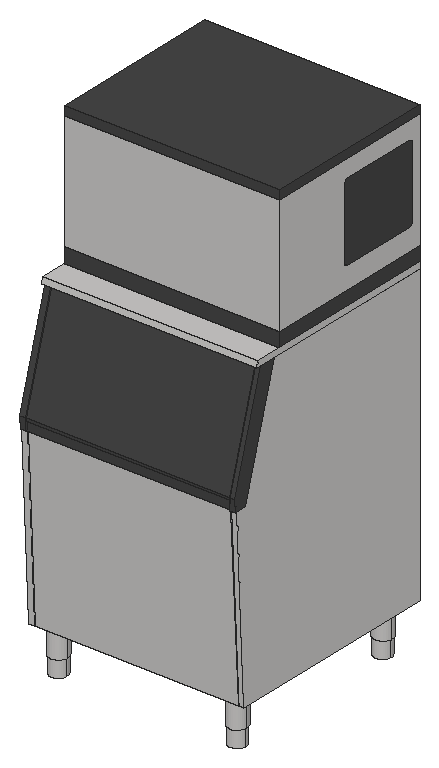
Revit family "QF_ZANUSSI_730295_IHD237M230SNP", category Specialty Equipment, Revit 2023
Family settings
  Round Connector Dimension = Use Diameter
  Part Type = Normal
  Work Plane-Based = No
  Enable Cutting in Views = No
  Always vertical = Yes
  Cut with Voids When Loaded = No
  Maintain Annotation Orientation = No
  Shared = No
  Room Calculation Point = No
Parameters (values of type "Standard")
  Weight = 85.00 kg
  Watts = 0 W
  Volts = 220 V
  URL Manufacturer = "http://www.zanussiprofessional.com"
  URL = "http://www.zanussiprofessional.com"
  Steam Supply Size = 0 mm
  Steam Supply Minimum Pressure = 0.0 Pa
  Steam Supply Maximum Pressure = 0.0 Pa
  Steam Pounds per Hour = 0
  Show Logo [instance] = yes
  Show Clearance [instance] = yes
  Refrigeration Suction Line Size = 0 mm
  Refrigeration Liquid Line Size = 0 mm
  Refrigerant Compressor Remote = yes
  Manufacturer = "Zanussi"
  Phase = 1
  Model = "IHD237M230SNP"
  Length Actual = 762 mm
  Item Number = "730295"
  Hot Water Size = 0 mm
  Height Actual = 1676 mm
  HP = "2.1 HP"
  Gas Size = 0 mm
  Gas KW = 0
  Gas Input Pressure = 0 W
  Description = "WATER COOLED HALF DICE ICE 237KG/24H-BIN 230KG MODULAR"
  Depth Actual = 819 mm
  Default Elevation = 0 mm
  Cycle = 50 Hz
  Condensate Return Size = 0 mm
  Compressed Air Volume = 0.0 L/s
  Compressed Air Size = 0 mm
  Compressed Air Pressure = 0.0 Pa
  Cold Water Size = 19.05 mm
  Accessory = no
Reference planes
  plane 1 "Center X": y = 237.851
  plane 2: z = 0
  plane 3 "Center Y": x = -378
  plane 4 "LEFT": x = -759
  plane 5 "BACK": y = 647.351
  plane 6 "RIGHT": x = 3
  plane 7 "FRONT": y = -171.649
  plane 8 "TOP": z = 1231
  plane 9: x = -739
  plane 10: x = -17
  plane 11: z = 155
  plane 12: z = 1211
  plane 13: z = 1131
  plane 14: y = -171.649
  plane 15: x = 3
  plane 16: x = -759
  plane 17: z = 1731
  plane 18: z = 1363.566
  plane 19 "2": y = 667.351
  plane 20 "3": y = 27.351
Forms (mm)
  Extrusion 1, solid, material "QF_Finishes_Stainless Steel"
    sketch origin (-238.119, 667.851, 1599.653) x (0, 0, -1) y (-1, 0, 0)
      loop
        circle (302.153, -206.619) r 10
    from -20.5 to -0.5
  Extrusion 2, solid, material "QF_Finishes_Stainless Steel"
    sketch origin (3, 0, 0) x (0, 1, 0) y (0, 0, 1)
      loop
        line (-70.746, 1231) -> (-75.305, 1211) -> (647.351, 1211) -> (647.351, 1231) -> (-70.746, 1231)
    from -762 to 0
  Extrusion 3, solid, material "QF_Finishes_Stainless Steel"
    sketch origin (3, 0, -220) x (0, 1, 0) y (0, 0, 1)
      loop
        line (2.761, 1431) -> (-125.203, 1012.449) -> (-163.117, 1012.449) -> (-130.122, 375) -> (647.351, 375) -> (647.351, 1431) -> (2.761, 1431)
    from -742 to -20
  Extrusion 4, solid, material "QF_Finishes_Black"
    sketch origin (3, -38.052, -220) x (0, 1, 0) y (0, 0, 1)
      loop
        line (-131.963, 1053.167) -> (-131.595, 1046.139) -> (-129.537, 1046.139) -> (-127.771, 1012.449) -> (-87.151, 1012.449) -> (40.813, 1431) -> (-16.448, 1431) -> (-131.963, 1053.167)
    from -742 to -20
  Extrusion 5, solid, material "QF_Finishes_Black"
    sketch origin (3, -38.052, -220) x (0, 1, 0) y (0, 0, 1)
      loop
        line (-131.963, 1053.167) -> (-129.829, 1012.449) -> (-87.151, 1012.449) -> (40.813, 1431) -> (-16.448, 1431) -> (-131.963, 1053.167)
    from -762 to -742
  Extrusion 6, solid, material "QF_Finishes_Black"
    sketch origin (3, -38.052, -220) x (0, 1, 0) y (0, 0, 1)
      loop
        line (-131.963, 1053.167) -> (-129.829, 1012.449) -> (-87.151, 1012.449) -> (40.813, 1431) -> (-16.448, 1431) -> (-131.963, 1053.167)
    from -20 to 0
  Extrusion 7, solid, material "QF_Finishes_Stainless Steel"
    sketch origin (3, 0, -220) x (0, 1, 0) y (0, 0, 1)
      loop
        line (2.761, 1431) -> (-125.203, 1012.449) -> (-163.117, 1012.449) -> (-130.122, 375) -> (647.351, 375) -> (647.351, 1431) -> (2.761, 1431)
    from -20 to 0
  Extrusion 8, solid, material "QF_Finishes_Stainless Steel"
    sketch origin (3, 0, -220) x (0, 1, 0) y (0, 0, 1)
      loop
        line (2.761, 1431) -> (-125.203, 1012.449) -> (-163.117, 1012.449) -> (-130.122, 375) -> (647.351, 375) -> (647.351, 1431) -> (2.761, 1431)
    from -762 to -742
  Extrusion 9, solid, material "QF_Finishes_Stainless Steel"
    sketch origin (3, 0, 440) x (0, 1, 0) y (0, 0, 1)
      loop
        line (27.351, 1260.349) -> (27.351, 842.501) -> (647.351, 842.501) -> (647.351, 1260.349) -> (27.351, 1260.349)
    from -762 to 0
  Extrusion 10, solid, material "QF_Finishes_Black"
    sketch origin (3, 0, 395) x (0, 1, 0) y (0, 0, 1)
      loop
        line (27.351, 887.501) -> (27.351, 836) -> (647.351, 836) -> (647.351, 887.501) -> (27.351, 887.501)
    from -762 to 0
  Extrusion 11, solid, material "QF_Finishes_Black"
    sketch origin (3, 0, 1015) x (0, 1, 0) y (0, 0, 1)
      loop
        line (27.351, 716) -> (27.351, 685.349) -> (647.351, 685.349) -> (647.351, 716) -> (27.351, 716)
    from -762 to 0
  Extrusion 12, solid, material "QF_Finishes_Stainless Steel"
    sketch origin (-1202.264, 667.851, 1627.261) x (0, 0, -1) y (-1, 0, 0)
      loop
        circle (302.153, -468.619) r 12.5
    from -20.5 to -0.5
  Extrusion 13, solid, material "QF_Finishes_Stainless Steel"
    sketch origin (-1199.841, 667.851, 1316.063) x (0, 0, -1) y (-1, 0, 0)
      loop
        circle (-158.388, -468.619) r 10
    from -20.5 to -0.5
  Extrusion 14, solid
    sketch origin (1774.352, 532.849, 0) x (1, 0, 0) y (0, 1, 0)
      loop
        circle (-2152.352, -35.499) r 10
    from 91.501 to 155
  Extrusion 15, solid, material "QF_Finishes_Black"
    sketch origin (-668.378, 757.228, 75) x (1, 0, 0) y (0, 0, -1)
      loop
        arc (275.378, -1625.349) -> (285.984, -1620.956) -> (290.378, -1610.349) r 15
        line (290.378, -1610.349) -> (290.378, -1222.501)
        arc (290.378, -1222.501) -> (285.984, -1211.894) -> (275.378, -1207.501) r 15
        line (275.378, -1207.501) -> (-25.622, -1207.501)
        arc (-25.622, -1207.501) -> (-36.229, -1211.894) -> (-40.622, -1222.501) r 15
        line (-40.622, -1222.501) -> (-40.622, -1610.349)
        arc (-40.622, -1610.349) -> (-36.229, -1620.956) -> (-25.622, -1625.349) r 15
        line (-25.622, -1625.349) -> (275.378, -1625.349)
    from -109.877 to -107.877
  Extrusion 16, solid, material "QF_Finishes_Black"
    sketch origin (-759, 55.351, 75) x (0, 1, 0) y (0, 0, -1)
      loop
        arc (542, -1563.566) -> (552.607, -1559.172) -> (557, -1548.566) r 15
        line (557, -1548.566) -> (557, -1303.566)
        arc (557, -1303.566) -> (552.607, -1292.959) -> (542, -1288.566) r 15
        line (542, -1288.566) -> (272, -1288.566)
        arc (272, -1288.566) -> (261.393, -1292.959) -> (257, -1303.566) r 15
        line (257, -1303.566) -> (257, -1548.566)
        arc (257, -1548.566) -> (261.393, -1559.172) -> (272, -1563.566) r 15
        line (272, -1563.566) -> (542, -1563.566)
    from 0 to 2
  Extrusion 17, solid, material "QF_Finishes_Black"
    sketch origin (3, 55.351, 75) x (0, 1, 0) y (0, 0, 1)
      loop
        line (542, 1563.566) -> (272, 1563.566)
        arc (272, 1563.566) -> (261.393, 1559.172) -> (257, 1548.566) r 15
        line (257, 1548.566) -> (257, 1303.566)
        arc (257, 1303.566) -> (261.393, 1292.959) -> (272, 1288.566) r 15
        line (272, 1288.566) -> (542, 1288.566)
        arc (542, 1288.566) -> (552.607, 1292.959) -> (557, 1303.566) r 15
        line (557, 1303.566) -> (557, 1548.566)
        arc (557, 1548.566) -> (552.607, 1559.172) -> (542, 1563.566) r 15
    from 0 to 2
Lines and regions (mm)
  symbolic lines
    curve 1: line (-759, 647.351, 0) -> (3, 647.351, 0)
    curve 2: line (-759, -171.649, 0) -> (-759, 647.351, 0)
    curve 3: line (3, -171.649, 0) -> (-759, -171.649, 0)
    curve 4: line (3, 647.351, 0) -> (3, -171.649, 0)
    curve 5: line (-759, 647.351, 100) -> (3, 647.351, 100)
    curve 6: line (-759, -171.649, 100) -> (-759, 647.351, 100)
    curve 7: line (3, 647.351, 100) -> (3, -171.649, 100)
    curve 8: line (-759, -171.649, 100) -> (3, -171.649, 100)
    curve 9: line (-759, 27.351, 100) -> (3, 27.351, 100)
    curve 10: line (-759, -75.305, 100) -> (3, -75.305, 100)
Dimensions and locks
  equal spacing: plane 4 "LEFT", plane 3 "Center Y", plane 6 "RIGHT"
  "Length Actual": plane 4 "LEFT" to plane 6 "RIGHT"
  "Depth Actual": plane 5 "BACK" to plane 7 "FRONT"
  equal spacing: plane 5 "BACK", plane 1 "Center X", plane 7 "FRONT"
  plane 8 "TOP" to plane 2 = 1231 mm
  locked: plane 4 "LEFT" to plane 9 at 20
  locked: plane 10 to plane 6 "RIGHT" at 20
  plane 11 to plane 2 = 155 mm
  locked: plane 8 "TOP" to plane 12 at 20
  locked: plane 12 to plane 13 at 80
  plane 7 "FRONT" to plane 14 = 0 mm
  plane 7 "FRONT" to plane 5 "BACK" = 819 mm
  plane 14 to plane 19 "2" = 839 mm
  plane 11 to Extrusion 7 = 1056 mm
  plane 15 to plane 3 "Center Y" to plane 16 = 381 mm, 381 mm
  equal spacing: plane 16, plane 3 "Center Y", plane 15
  plane 15 to plane 16 = 762 mm
  plane 17 to level = 1731 mm
  plane 8 "TOP" to level = 1231 mm
  plane 17 to plane 8 "TOP" = 500 mm
  Extrusion 9 to plane 5 "BACK" = 620 mm
  plane 20 "3" to plane 5 "BACK" = 620 mm
  nested 4 to plane 3 "Center Y" to nested 1 = 317 mm, 316.899 mm
  aligned and locked: level to plane 2
  aligned and locked: plane 15 to Extrusion 9
  aligned and locked: plane 15 to Extrusion 10
  aligned and locked: Extrusion 11 to plane 16
  aligned and locked: Extrusion 9 to plane 16
  aligned and locked: Extrusion 10 to plane 16
  aligned and locked: plane 5 "BACK" to Extrusion 11
  aligned and locked: plane 5 "BACK" to Extrusion 9
  aligned and locked: Extrusion 9 to plane 20 "3"
Automatic sketch dimensions
  Extrusion 1 sketch curve to plane 10 = 14.5 mm
  plane 18 to Extrusion 1 sketch curve = 66.066 mm
  plane 9 to Extrusion 12 sketch curve = 5.355 mm
  plane 18 to Extrusion 12 sketch curve = 38.458 mm
  plane 9 to Extrusion 13 sketch curve = 7.778 mm
  Extrusion 13 sketch curve to plane 18 = 110.886 mm
  Extrusion 15 sketch curve to plane 3 "Center Y" = 0 mm
  Extrusion 15 sketch curve to Extrusion 15 sketch curve = 15 mm  (x2)
  Extrusion 15 sketch curve to plane 3 "Center Y" = 15 mm
  plane 9 to Extrusion 15 sketch curve = 45 mm  (x2)
  Extrusion 15 sketch curve to plane 17 = 30.651 mm
  plane 18 to Extrusion 15 sketch curve = 66.065 mm
  curve 3 to plane 4 "LEFT" = 0 mm
  curve 3 to plane 6 "RIGHT" = 0 mm
  curve 3 to plane 7 "FRONT" = 0 mm
  curve 2 to plane 5 "BACK" = 0 mm
  Extrusion 2 sketch curve to plane 12 = 0 mm
  Extrusion 2 sketch curve to plane 8 "TOP" = 0 mm
  Extrusion 2 sketch curve to plane 5 "BACK" = 0 mm
  Extrusion 2 sketch curve to plane 20 "3" = 98.097 mm
  Extrusion 2 sketch curve to Extrusion 2 sketch curve = 4.56 mm
  Extrusion 3 sketch curve to plane 11 = 0 mm
  Extrusion 3 sketch curve to plane 12 = 0 mm
  Extrusion 3 sketch curve to plane 5 "BACK" = 0 mm
  Extrusion 3 sketch curve to plane 20 "3" = 24.59 mm
  plane 7 "FRONT" to Extrusion 3 sketch curve = 46.446 mm
  plane 7 "FRONT" to Extrusion 3 sketch curve = 41.528 mm
  plane 7 "FRONT" to Extrusion 3 sketch curve = 8.532 mm
  Extrusion 3 sketch curve to plane 13 = 338.551 mm
  Extrusion 4 sketch curve to plane 12 = 0 mm
  plane 7 "FRONT" to Extrusion 4 sketch curve = 1.634 mm
  plane 7 "FRONT" to Extrusion 4 sketch curve = 2.003 mm
  Extrusion 4 sketch curve to Extrusion 4 sketch curve = 2.058 mm
  plane 7 "FRONT" to Extrusion 4 sketch curve = 5.827 mm
  Extrusion 4 sketch curve to Extrusion 4 sketch curve = 40.62 mm
  Extrusion 4 sketch curve to plane 20 "3" = 81.851 mm
  Extrusion 4 sketch curve to plane 20 "3" = 24.59 mm
  Extrusion 4 sketch curve to plane 13 = 297.833 mm
  Extrusion 4 sketch curve to Extrusion 4 sketch curve = 7.027 mm
  Extrusion 4 sketch curve to Extrusion 4 sketch curve = 33.691 mm
  Extrusion 5 sketch curve to plane 12 = 0 mm
  plane 7 "FRONT" to Extrusion 5 sketch curve = 1.634 mm
  plane 7 "FRONT" to Extrusion 5 sketch curve = 3.768 mm
  Extrusion 5 sketch curve to Extrusion 5 sketch curve = 42.678 mm
  Extrusion 5 sketch curve to plane 20 "3" = 81.851 mm
  Extrusion 5 sketch curve to plane 20 "3" = 24.59 mm
  Extrusion 5 sketch curve to plane 13 = 297.833 mm
  Extrusion 5 sketch curve to Extrusion 5 sketch curve = 40.718 mm
  Extrusion 6 sketch curve to plane 12 = 0 mm
  plane 7 "FRONT" to Extrusion 6 sketch curve = 1.634 mm
  plane 7 "FRONT" to Extrusion 6 sketch curve = 3.768 mm
  Extrusion 6 sketch curve to Extrusion 6 sketch curve = 42.678 mm
  Extrusion 6 sketch curve to plane 20 "3" = 81.851 mm
  Extrusion 6 sketch curve to plane 20 "3" = 24.59 mm
  Extrusion 6 sketch curve to plane 13 = 297.833 mm
  Extrusion 6 sketch curve to Extrusion 6 sketch curve = 40.718 mm
  Extrusion 7 sketch curve to plane 11 = 0 mm
  Extrusion 7 sketch curve to plane 12 = 0 mm
  Extrusion 7 sketch curve to plane 5 "BACK" = 0 mm
  Extrusion 7 sketch curve to plane 20 "3" = 24.59 mm
  plane 7 "FRONT" to Extrusion 7 sketch curve = 46.446 mm
  plane 7 "FRONT" to Extrusion 7 sketch curve = 41.528 mm
  plane 7 "FRONT" to Extrusion 7 sketch curve = 8.532 mm
  Extrusion 7 sketch curve to plane 13 = 338.551 mm
  Extrusion 8 sketch curve to plane 11 = 0 mm
  Extrusion 8 sketch curve to plane 12 = 0 mm
  Extrusion 8 sketch curve to plane 5 "BACK" = 0 mm
  Extrusion 8 sketch curve to plane 20 "3" = 24.59 mm
  plane 7 "FRONT" to Extrusion 8 sketch curve = 46.446 mm
  plane 7 "FRONT" to Extrusion 8 sketch curve = 41.528 mm
  plane 7 "FRONT" to Extrusion 8 sketch curve = 8.532 mm
  Extrusion 8 sketch curve to plane 13 = 338.551 mm
  Extrusion 9 sketch curve to plane 20 "3" = 0 mm
  Extrusion 9 sketch curve to plane 5 "BACK" = 0 mm
  plane 8 "TOP" to Extrusion 9 sketch curve = 51.501 mm
  Extrusion 9 sketch curve to plane 17 = 30.651 mm
  Extrusion 10 sketch curve to plane 8 "TOP" = 0 mm
  Extrusion 10 sketch curve to plane 20 "3" = 0 mm
  Extrusion 10 sketch curve to plane 5 "BACK" = 0 mm
  plane 8 "TOP" to Extrusion 10 sketch curve = 51.501 mm
  Extrusion 11 sketch curve to plane 20 "3" = 0 mm
  Extrusion 11 sketch curve to plane 5 "BACK" = 0 mm
  Extrusion 11 sketch curve to plane 17 = 0 mm
  Extrusion 11 sketch curve to plane 17 = 30.651 mm
  Extrusion 14 sketch curve to plane 3 "Center Y" = 0 mm
  Extrusion 14 sketch curve to plane 5 "BACK" = 150 mm
  plane 18 to Extrusion 16 sketch curve = 0 mm
  Extrusion 16 sketch curve to plane 18 = 15 mm
  Extrusion 16 sketch curve to plane 1 "Center X" = 74.5 mm
  Extrusion 16 sketch curve to Extrusion 16 sketch curve = 15 mm  (x2)
  Extrusion 16 sketch curve to plane 5 "BACK" = 50 mm  (x2)
  Extrusion 16 sketch curve to plane 17 = 107.434 mm
  plane 18 to Extrusion 17 sketch curve = 0 mm
  Extrusion 17 sketch curve to plane 18 = 15 mm
  Extrusion 17 sketch curve to plane 1 "Center X" = 74.5 mm
  Extrusion 17 sketch curve to Extrusion 17 sketch curve = 15 mm  (x2)
  Extrusion 17 sketch curve to plane 5 "BACK" = 50 mm  (x2)
  Extrusion 17 sketch curve to plane 17 = 107.434 mm
  plane 5 "BACK" to curve 5 = 0 mm
  plane 7 "FRONT" to curve 8 = 0 mm
  plane 20 "3" to curve 9 = 0 mm
  plane 6 "RIGHT" to curve 5 = 0 mm
  curve 7 to curve 6 = 762 mm
  curve 10 to curve 7 = 96.344 mm
  radius of Extrusion 1 sketch curve = 10 mm
  radius of Extrusion 12 sketch curve = 12.5 mm
  radius of Extrusion 13 sketch curve = 10 mm
  radius of Extrusion 14 sketch curve = 10 mm
Nested families
  nested 1: "Foot_Complete" at (-694.899, -79.392, 0), type "Foot_Complete"
  nested 2: "Foot_Complete" at (-694.899, 564.718, 0), type "Foot_Complete"
  nested 3: "Foot_Complete" at (-61, 564.718, 0), type "Foot_Complete"
  nested 4: "Foot_Complete" at (-61, -79.392, 0), type "Foot_Complete"
Connectors
  electrical at (-31.5, 667.351, 1297.5), driven by "Volts"
    settings: on Extrusion 1, index 1, voltage 220 V, apparent load 0 VA, apparent load phase1 0 VA, apparent load phase2 0 VA, apparent load phase3 0 VA, power factor 1, load classification "Altro", number of poles 1, system type 30, power factor state 1, is connector primary yes, connector utility no, sub classification motor no, connector description "Electrical Connection"
  piping at (-733.645, 667.351, 1325.107), diameter 25
    settings: on Extrusion 12, index 6, connector inside diameter 609.6 mm, connector length 0 mm, flow factor 0, pipe flow 0.0 L/s, pressure drop 0.0 Pa, fitting loss kfactor 0, connector angle 0.00°, fixture units 0, engagement length 0 mm, angle of deflection 0.00°, flow configuration 0, flow direction 2, fitting loss method 0, system type 16, joint type 0, gender type 0, connector reference index -1, connector utility 0, adjustable connector no, is connector primary yes, connector description "Drain"
  piping at (-731.222, 667.351, 1474.451), diameter 20
    settings: on Extrusion 13, index 7, connector inside diameter 609.6 mm, connector length 0 mm, flow factor 0, pipe flow 0.0 L/s, pressure drop 0.0 Pa, fitting loss kfactor 0, connector angle 0.00°, fixture units 0, engagement length 0 mm, angle of deflection 0.00°, flow configuration 0, flow direction 1, fitting loss method 0, system type 20, joint type 0, gender type 0, connector reference index -1, connector utility 0, adjustable connector no, is connector primary no, connector description "Water Inlet"
  piping at (-378, 497.351, 91.501), diameter 20
    settings: on Extrusion 14, index 8, connector inside diameter 609.6 mm, connector length 0 mm, flow factor 0, pipe flow 0.0 L/s, pressure drop 0.0 Pa, fitting loss kfactor 0, connector angle 0.00°, fixture units 0, engagement length 0 mm, angle of deflection 0.00°, flow configuration 0, flow direction 2, fitting loss method 0, system type 16, joint type 0, gender type 0, connector reference index -1, connector utility 0, adjustable connector no, is connector primary no, connector description "Drain"
Definition of nested family "Foot_Complete"
  Parameters (values of type "Foot_Complete")
    R = 33 mm
    H = 155 mm
    Default Elevation = 0 mm
  Reference planes
    plane 1 "Centro (Fronte/Retro)": y = 0
    plane 2: z = 0
    plane 3 "Centro (Sinistra/Destra)": x = 0
    plane 4: z = 155
  Forms (mm)
    Revolve 1, solid
      sketch origin (255.05, 0, 608.09) x (0, 0, 1) y (-1, 0, 0)
        loop
          line (-608.09, 252.05) -> (-608.09, 225.05) -> (-548.09, 225.05) -> (-548.09, 222.05) -> (-453.09, 222.05) -> (-453.09, 252.05) -> (-608.09, 252.05)
        axis (-608.09, 255.05) -> (-453.09, 255.05)
      angle from 0 to 360
  Dimensions and locks
    level to Revolve 1 sketch curve = 60 mm
    "R": Revolve 1 sketch curve to plane 3 "Centro (Sinistra/Destra)"
    "H": plane 4 to level
    locked: Revolve 1 sketch curve to Revolve 1 sketch curve at 3
    aligned and locked: level to plane 2
    aligned and locked: plane 4 to Revolve 1 sketch curve
    aligned and locked: Revolve 1 sketch curve to level
  Automatic sketch dimensions
    Revolve 1 sketch curve to plane 3 "Centro (Sinistra/Destra)" = 0 mm
    plane 3 "Centro (Sinistra/Destra)" to Revolve 1 sketch curve = 3 mm
    plane 4 to Revolve 1 sketch curve = 50 mm
    Revolve 1 sketch curve to Revolve 1 sketch curve = 20 mm
